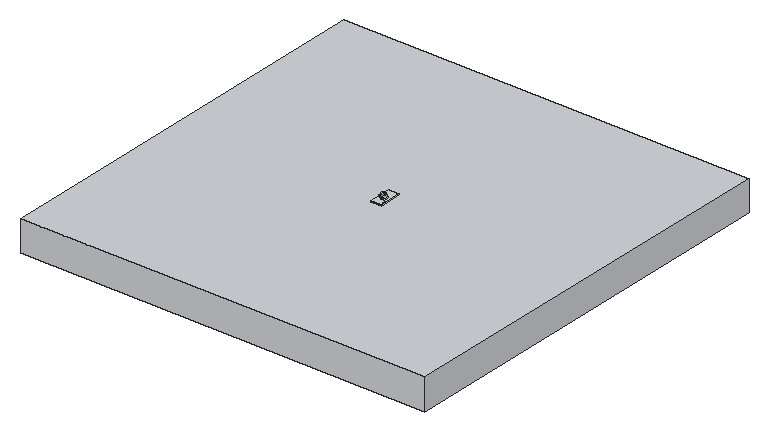
Revit family "HL_Стиральная устройство_HL404.1", category Instalační zařizovací předměty, Revit 2016
Family settings
  Hostitel = Plocha
  Typ součásti = Normální
  Kóta kulaté spojky = Použít průměr
  Číslo OmniClass = 23.70.50.21.37
  Nadpis OmniClass = Valves for Removal Systems
  Ořezat dutým tvarem při načtení = Ne
  Sdílené = Ano
  Bod výpočtu místnosti = Ne
Parameters (values of type "HL404.1")
  РАЗМЕР = "DN40/50"
  ПРОПУСКНАЯ СПОСОБНОСТЬ [instance] = 0 L/s
  ПРОИЗВОДИТЕЛЬНОСТЬ = "0,38 l/s"
  ПРАВОВАЯ ИНФОРМАЦИЯ = "Авторские права(©), права на дизайн или какие либо другие права интелектуальной собственности являются исключительной собственностью компании HL Hutterer & Lechner. Изменению не подлежит. Файл семейства с данными о прозводителе изделия защищен паролем с водяным знаком."  # constant formula
  НОМИНАЛЬНЫЙ ДИАМЕТР [instance] = 50 mm
  МАТЕРИАЛ = "PE/ V2A\r\nPE/ V2A"
  ГЛУБИНА МОНТАЖА = "65-115 mm"
  ВЕС = "0,50 [kg]"
  Výrobce = "HL Hutterer & Lechner GmbH"  # constant formula
  URL = "http://www.hutterer-lechner.com/ru/Products/catalog/washing-devices/products/HL404.1.aspx"
  Výchozí výška = 600 mm
  Popis = "Стиральная устройство"
  Model = "HL404.1"
  Komentáře k typům = "Встроенный сифон для стиральной или посудомоечной машины DN40/50 с соединительным коленом 3/4\" HL19, со снимаемым корпусом оболочки, с прочисткой, декоративной плитой из нержавеющей стали 108 х 225 мм, с вантузом HL902. Глубина монтажа: 65мм."
  Keynote = "HL404.1"
  глубина монтажа [instance] = 115 mm
  EAN = "9003076504145"
  E [instance] = НОМИНАЛЬНЫЙ ДИАМЕТР = 50 mm  # yes
  D [instance] = if(or(глубина монтажа < 65 mm, глубина монтажа > 115 mm), 0 mm, 105 mm)  # 105 mm
  C [instance] = if(or(НОМИНАЛЬНЫЙ ДИАМЕТР = 50 mm, НОМИНАЛЬНЫЙ ДИАМЕТР = 40 mm), 6 mm, 0 mm)  # 6 mm
  A [instance] = if(НОМИНАЛЬНЫЙ ДИАМЕТР = 50 mm, 192 mm, 141 mm)  # 192 mm
Types (2, lengths in mm): name | URL | Popis | Komentáře k typům
  (no name) | "http://www.hutterer-lechner.com/en/Products/catalog/washing-devices/attachments/HL404.1.aspx" | "Washing devices" | "Recessed washing device trap DN40/50 with air admittance valve HL902, cleaning eye, appliance hose connector 3/4' HL19 and stainless steel coverplate 108 x 225 mm."
  HL404.1 | "http://www.hutterer-lechner.com/ru/Products/catalog/washing-devices/products/HL404.1.aspx" | "Стиральная устройство" | "Встроенный сифон для стиральной или посудомоечной машины DN40/50 с соединительным коленом 3/4\" HL19, со снимаемым корпусом оболочки, с прочисткой, декоративной плитой из нержавеющей стали 108 х 225 мм, с вантузом HL902. Глубина монтажа: 65мм."
Reference planes
  plane 1 "Center (Front/Back)": y = 0
  plane 2: z = 0
  plane 3 "Center (Left/Right)": x = 0
  plane 4 "Con": z = -86.5
  plane 5: z = -115
Forms (mm)
  Extrusion 1, solid
    sketch origin (0, 0, 0) x (1, 0, 0) y (0, 1, 0)
      loop
        line (-2000, 2000) -> (-2000, -2000) -> (2000, -2000) -> (2000, 2000) -> (-2000, 2000)
    from 0 to -304.8
  Extrusion 2, solid, material "Metal - steel", detail levels fine
    sketch origin (0, 0, 0) x (0, -1, 0) y (1, 0, 0)
      loop
        line (-119.557, -52.5) -> (102.443, -52.5) -> (102.443, 52.5) -> (-119.557, 52.5) -> (-119.557, -52.5)
    from 0 to 6
  Extrusion 3, solid, material "Plactic - Black", detail levels fine
    sketch origin (0, 156.429, -115) x (0, 1, 0) y (-1, 0, 0)
      loop
        line (-242.372, -25.453) -> (-163.318, -39.392)
        arc (-163.318, -39.392) -> (-147.078, -38.905) -> (-132.372, -32) r 40
        line (-132.372, -32) -> (-132.372, -40) -> (-62.672, -40)
        arc (-62.672, -40) -> (-55.601, -37.071) -> (-52.672, -30) r 10
        line (-52.672, -30) -> (-52.672, 30)
        arc (-52.672, 30) -> (-55.601, 37.071) -> (-62.672, 40) r 10
        line (-62.672, 40) -> (-132.372, 40) -> (-132.372, 32)
        arc (-132.372, 32) -> (-143.723, 37.947) -> (-156.372, 40) r 40
        line (-156.372, 40) -> (-228.776, 40)
        arc (-228.776, 40) -> (-236.49, 37.193) -> (-240.594, 30.084) r 12
        line (-240.594, 30.084) -> (-242.372, 20) -> (-242.372, -25.453)
    from 0 to 28.5
  Extrusion 4, solid, material "Plactic - Black", detail levels fine
    sketch origin (0, 156.429, -115) x (0, 1, 0) y (-1, 0, 0)
      loop
        line (-160.046, -42) -> (-62.672, -42)
        arc (-62.672, -42) -> (-54.187, -38.485) -> (-50.672, -30) r 12
        line (-50.672, -30) -> (-50.672, 30)
        arc (-50.672, 30) -> (-54.187, 38.485) -> (-62.672, 42) r 12
        line (-62.672, 42) -> (-230.372, 42)
        arc (-230.372, 42) -> (-240.271, 37.899) -> (-244.372, 28) r 14
        line (-244.372, 28) -> (-244.372, -27.131) -> (-160.046, -42)
    from 28.5 to 115
  Revolve 5, solid, material "Plactic - Black", detail levels fine
    sketch origin (-211.611, -4610.912, -86.5) x (-1, 0, 0) y (0, -1, 0)
      loop
        line (-231.606, -4525.07) -> (-211.611, -4525.07) -> (-211.611, -4472.97) -> (-231.606, -4472.97) -> (-231.606, -4525.07)
      axis (-211.611, -4472.97) -> (-211.611, -4525.07)
    angle from 0 to 360
  Revolve 6, solid, material "Plactic - Black", visible <- "E", detail levels fine
    sketch origin (-211.611, -4610.912, -86.5) x (-1, 0, 0) y (0, -1, 0)
      loop
        line (-236.6, -4472.97) -> (-211.611, -4472.97) -> (-211.611, -4418.97) -> (-236.6, -4418.97) -> (-236.6, -4472.97)
      axis (-211.611, -4472.97) -> (-211.611, -4418.97)
    angle from 0 to 360
  Revolve 7, solid, material "Plactic - White", detail levels fine
    sketch origin (0, 0.057, -28) x (0, 0, -1) y (0, 1, 0)
      loop
        line (-52, 0) -> (-52, -15.004) -> (-42, -15.004) -> (-42, -24.074) -> (-34, -24.074) -> (-34, 0) -> (-52, 0)
      axis (-52, 0) -> (-34, 0)
    angle from 0 to 360
Cuts and joins
  joined: Extrusion 4, Revolve 5
Lines and regions (mm)
  reference lines
    curve 1: line (0, -192, -86.5) -> (0, -132.093, -86.5)
  model lines, style "Logo", detail levels fine
    curve 2: line (39, -92.976, 6) -> (39, -99.976, 6)
    curve 3: line (39, -96.476, 6) -> (43.434, -96.476, 6)
    curve 4: line (43.434, -92.976, 6) -> (43.434, -99.976, 6)
    curve 5: line (45.827, -92.976, 6) -> (45.827, -99.976, 6)
    curve 6: line (45.827, -99.976, 6) -> (49.93, -99.976, 6)
  model lines, detail levels coarse+medium
    curve 7: line (0, -192, -86.5) -> (0, 0.057, -86.5)
    curve 8: line (0, 0.057, -86.5) -> (0, 0.057, 54.1)
    curve 9: line (0, 0.057, 54.1) -> (0, -57.243, 54.1)
  symbolic lines, detail levels coarse+medium
    curve 10: line (0, 0, 0) -> (0, 0, 105)
    curve 11: line (40, 0, 65) -> (-40, 0, 65)
Dimensions and locks
  "A": curve 1 to plane 1 "Center (Front/Back)"
  locked: plane 4 "Con" to plane 5 at 28.5
  "глубина монтажа": plane 2 to plane 5
  "C": Extrusion 2 to Extrusion 2
  "D": Extrusion 2 sketch curve to Extrusion 2 sketch curve
  aligned and locked: Extrusion 1 to plane 2
  aligned and locked: Extrusion 1 to level
  aligned and locked: plane 2 to Extrusion 4
Automatic sketch dimensions
  Extrusion 1 sketch curve to Extrusion 1 sketch curve = 4000 mm  (x2)
  Extrusion 3 sketch curve to Extrusion 3 sketch curve = 0 mm  (x3)
  Extrusion 3 sketch curve to plane 3 "Center (Left/Right)" = 0 mm
  Extrusion 3 sketch curve to plane 3 "Center (Left/Right)" = 20 mm
  plane 1 "Center (Front/Back)" to Extrusion 3 sketch curve = 85.943 mm
  Extrusion 3 sketch curve to plane 3 "Center (Left/Right)" = 30.084 mm
  Extrusion 3 sketch curve to Extrusion 3 sketch curve = 1.778 mm
  Extrusion 3 sketch curve to Extrusion 3 sketch curve = 11.818 mm
  plane 1 "Center (Front/Back)" to Extrusion 3 sketch curve = 6.889 mm
  Extrusion 3 sketch curve to plane 1 "Center (Front/Back)" = 0.057 mm
  Extrusion 3 sketch curve to plane 1 "Center (Front/Back)" = 24.057 mm  (x2)
  Extrusion 3 sketch curve to plane 3 "Center (Left/Right)" = 30 mm
  Extrusion 3 sketch curve to Extrusion 3 sketch curve = 69.7 mm
  plane 3 "Center (Left/Right)" to Extrusion 3 sketch curve = 40 mm
  Extrusion 3 sketch curve to Extrusion 3 sketch curve = 10 mm
  Extrusion 3 sketch curve to Extrusion 3 sketch curve = 0.608 mm
  Extrusion 3 sketch curve to Extrusion 3 sketch curve = 2.084 mm
  plane 3 "Center (Left/Right)" to Extrusion 4 sketch curve = 27.131 mm
  plane 1 "Center (Front/Back)" to Extrusion 4 sketch curve = 87.943 mm
  Extrusion 4 sketch curve to Extrusion 4 sketch curve = 14 mm
  plane 1 "Center (Front/Back)" to Extrusion 4 sketch curve = 3.617 mm
  Extrusion 4 sketch curve to plane 3 "Center (Left/Right)" = 42 mm
  Extrusion 4 sketch curve to plane 1 "Center (Front/Back)" = 93.757 mm
  plane 3 "Center (Left/Right)" to Extrusion 4 sketch curve = 42 mm
  Extrusion 4 sketch curve to Extrusion 4 sketch curve = 0 mm
  Extrusion 4 sketch curve to Extrusion 4 sketch curve = 12 mm
  curve 5 to Extrusion 2 = 9.467 mm
  curve 2 to Extrusion 2 = 2.467 mm
  curve 2 to Extrusion 2 = 13.5 mm
  curve 4 to curve 5 = 0 mm  (x2)
  curve 2 to curve 4 = 0 mm
  curve 4 to curve 3 = 3.5 mm
  curve 4 to Extrusion 2 = 2.467 mm
  curve 3 to curve 3 = 4.434 mm
  curve 4 to curve 5 = 2.393 mm
  curve 6 to Extrusion 2 = 2.57 mm
  curve 7 to plane 4 "Con" = 0 mm
  curve 8 to plane 1 "Center (Front/Back)" = 0.057 mm
  curve 9 to plane 1 "Center (Front/Back)" = 0.057 mm
  curve 9 to curve 8 = 57.3 mm
  plane 1 "Center (Front/Back)" to curve 7 = 192 mm
  level to curve 9 = 54.1 mm
  Revolve 6 sketch curve to plane 3 "Center (Left/Right)" = 0 mm  (x2)
  plane 3 "Center (Left/Right)" to Revolve 6 sketch curve = 24.989 mm
  plane 1 "Center (Front/Back)" to Revolve 6 sketch curve = 137.943 mm
  Revolve 6 sketch curve to Revolve 6 sketch curve = 3.76 mm
  Revolve 6 sketch curve to Revolve 6 sketch curve = 23.671 mm
  Revolve 6 sketch curve to Revolve 6 sketch curve = 54 mm
  Revolve 5 sketch curve to plane 3 "Center (Left/Right)" = 0 mm  (x2)
  Revolve 5 sketch curve to Revolve 5 sketch curve = 19.995 mm
  plane 1 "Center (Front/Back)" to Revolve 5 sketch curve = 85.843 mm
  Revolve 5 sketch curve to Revolve 5 sketch curve = 52.1 mm
  Revolve 5 sketch curve to Revolve 5 sketch curve = 7.643 mm
  Revolve 5 sketch curve to Revolve 5 sketch curve = 20.257 mm
  plane 3 "Center (Left/Right)" to Extrusion 3 sketch curve = 25.453 mm
  level to Revolve 7 sketch curve = 24 mm
  level to Revolve 7 sketch curve = 14 mm
  Revolve 7 sketch curve to plane 1 "Center (Front/Back)" = 0.057 mm  (x2)
  level to Revolve 7 sketch curve = 6 mm
  plane 1 "Center (Front/Back)" to Revolve 7 sketch curve = 14.947 mm
  Revolve 7 sketch curve to Revolve 7 sketch curve = 9.069 mm
  Revolve 7 sketch curve to Revolve 7 sketch curve = 12.238 mm
  level to Revolve 7 sketch curve = 1.6 mm
  curve 10 to plane 3 "Center (Left/Right)" = 0 mm
  curve 10 to level = 0 mm
  curve 11 to plane 3 "Center (Left/Right)" = 40 mm
  plane 3 "Center (Left/Right)" to curve 11 = 40 mm
  level to curve 11 = 65 mm
  curve 11 to curve 10 = 40 mm
  Extrusion 2 sketch curve to plane 3 "Center (Left/Right)" = 52.5 mm
  Extrusion 2 sketch curve to plane 1 "Center (Front/Back)" = 119.557 mm
  plane 1 "Center (Front/Back)" to Extrusion 2 sketch curve = 102.443 mm
  curve 1 to plane 3 "Center (Left/Right)" = 0 mm
  curve 1 to curve 1 = 59.907 mm
Nested families
  nested 1: "HL_Соединительное колено_HL19" at (0, 0.057, 24) x (1, 0.0005, 0) z (0, 0, 1), type "HL19_Main Component", detail levels fine
Connectors
  piping at (0, -192, -86.5), diameter 50, driven by "НОМИНАЛЬНЫЙ ДИАМЕТР", driven by "ПРОПУСКНАЯ СПОСОБНОСТЬ"
    settings: on curve 1, index 1, connector inside diameter 609.6 mm, connector length 0 mm, flow factor 0, pipe flow 0 L/s, pressure drop 0.00 Pa, fitting loss kfactor 0, connector angle 0.00°, fixture units 0, engagement length 0 mm, angle of deflection 0.00°, flow configuration 1, flow direction 2, fitting loss method 0, system type 16, joint type 0, gender type 0, connector reference index -1, connector utility 0, adjustable connector yes, is connector primary yes, connector description ""
Definition of nested family "HL_Соединительное колено_HL19"
  Parameters (values of type "HL19")
    РАЗМЕР = "1\" x 3/4\""
    ПРОПУСКНАЯ СПОСОБНОСТЬ = 0 L/s
    ПРАВОВАЯ ИНФОРМАЦИЯ = "Авторские права(©), права на дизайн или какие либо другие права интелектуальной собственности являются исключительной собственностью компании HL Hutterer & Lechner. Изменению не подлежит. Файл семейства с данными о прозводителе изделия защищен паролем с водяным знаком."  # constant formula
    НОМИНАЛЬНЫЙ ДИАМЕТР = 25 mm
    МАТЕРИАЛ = "PP"
    ВЕС = "0,02 [kg]"
    Manufacturer = "HL Hutterer & Lechner GmbH"  # constant formula
    URL = "http://www.hutterer-lechner.com/ru/Products/catalog/washing-devices/products/HL19.aspx"
    Description = "Стиральная устройство"
    Model = "HL19"
    Type Comments = "Соединительное колено для стиральной или посудомоечной машины 1\" х подсоединение шланга 3/4\" (d 17 - 23 мм) "
    Keynote = "HL19"
    EAN = "9003076100194"
  Values of the unnamed type that differ from the named types
    URL = "http://www.hutterer-lechner.com/en/Products/catalog/washing-devices/attachments/HL19.aspx"
    Description = "Washing devices"
    Type Comments = "Appliance hose connector 1' x 3/4' with O-ring"
  Reference planes
    plane 1 "Center (Front/Back)": y = 0
    plane 2: z = 0
    plane 3 "Center (Left/Right)": x = 0
  Forms (mm)
    Revolve 1, solid
      sketch origin (0, 0, -53.5) x (0, 0, -1) y (0, 1, 0)
        loop
          line (-95.35, -23.5) -> (-92.114, -57.3) -> (-83.6, -57.3) -> (-83.6, -23.5) -> (-95.35, -23.5)
        axis (-83.6, -23.5) -> (-83.6, -57.3)
      angle from 0 to 360
    Revolve 2, solid
      sketch origin (0, 0, -53.5) x (0, 0, -1) y (0, 1, 0)
        loop
          line (-61, -18.4) -> (-46, -18.4) -> (-46, -20.15) -> (-43.5, -20.15) -> (-43.5, 0) -> (-61, 0) -> (-61, -18.4)
        axis (-61, 0) -> (-43.5, 0)
      angle from 0 to 360
    Sweep 3, solid
      path origin (0, 0, -10) x (0, 1, 0) y (0, 0, 1)
        loop
          line (-23.5, 40.1) -> (-9.5, 40.1)
          arc (-9.5, 40.1) -> (-2.782, 37.318) -> (0, 30.6) r 9.5
          line (0, 30.6) -> (0, 17.5)
      profile origin (0, -16.5, 30.1) x (0, 0, 1) y (1, 0, 0)
        loop
          circle (0, 0) r 9.4
  Dimensions and locks
    aligned and locked: level to plane 2
